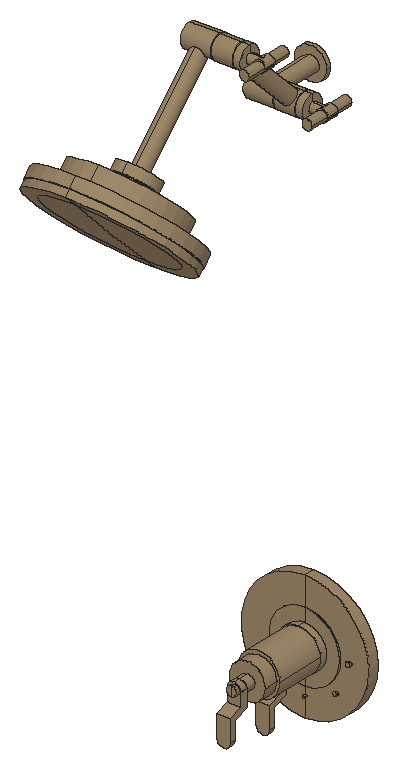
Revit family "Shower Valve-Brizo-Litze_Collection-Bath-Lever Handle", category Plumbing Fixtures, Revit 2020
Family settings
  Round Connector Dimension = Use Radius
  Part Type = Normal
  OmniClass Number = 23.45.00.00
  OmniClass Title = Sanitary, Laundry, and Cleaning Equipment
  Work Plane-Based = Yes
  Always vertical = Yes
  Cut with Voids When Loaded = No
  Shared = No
  Room Calculation Point = No
Parameters (values of type "Brillance® Lux Gold™")
  Waste Connection = no
  Vent Connection = no
  URL = "http://www.brizo.com/"
  Type Comments = "Brillance® Lux Gold™"
  Style = "Tub and Shower Valve"  # constant formula
  Shower Offset = 2' - 2.48429"
  Product Name = "Litze™ Collection"  # constant formula
  Product Documentation Link = "http://brizopresskit.com/New_Products/PDF/Brizo_Litze_Collection_Release.pdf"
  Model = "T60035 & T60235"  # constant formula
  Manufacturer = "Brizo"  # constant formula
  Makeup Water Flow = 0
  Flow = 0 GPM
  Finish = Gold-Brizo-Brilliance® Luxe Gold™
  Diameter = 0' - 6 1/2"  # constant formula
  Design Valve Water Flow = 0
  Description = "TempAssure Thermostatic Valve and Shower"  # constant formula
  Default Elevation = 4' - 0"
  Connector Radius = 0' - 0 1/2"  # constant formula
  Assembly Code = "D2010400"
  Actual Valve Water Flow = 0
Reference planes (in)
  plane 1 "Mounting": y = 0
  plane 2 "Bottom": z = 0
  plane 3 "Center (Left/Right)": x = 0
  plane 4: z = 26.48429
Forms (in)
  Extrusion 1, solid, material "Gold-Brizo-Brilliance® Luxe Gold™" <- "Finish", detail levels coarse+medium
    sketch origin (0, 0, 0) x (1, 0, 0) y (0, 0, 1)
      loop
        circle (0, 0) r 3.25
    from 0 to 0.569
  Revolve 2, solid, material "Gold-Brizo-Brilliance® Luxe Gold™" <- "Finish", detail levels fine
    sketch origin (0, 0, 0) x (0, 1, 0) y (0, 0, 1)
      loop
        line (0, 3.25) -> (-0.57031, 3.25) -> (-0.57031, 1.80078) -> (-0.60156, 1.80078) -> (-0.60156, 1.11328) -> (-0.95312, 1.11328) -> (-0.95312, 0.83984) -> (-1.55859, 0.83984) -> (-1.55859, 0) -> (0, 0) -> (0, 3.25)
      axis (0, 0) -> (-1.55859, 0)
    angle from 0 to 360
  Extrusion 3, solid, material "Gold-Brizo-Brilliance® Luxe Gold™" <- "Finish", detail levels coarse+medium
    sketch origin (0, 0, 0) x (1, 0, 0) y (0, 0, 1)
      loop
        circle (0, 0) r 0.83984
    from 0 to 1.55859
  Extrusion 4, solid, material "Gold-Brizo-Brilliance® Luxe Gold™" <- "Finish", detail levels fine
    sketch origin (0, 0, 0) x (1, 0, 0) y (0, 0, 1)
      loop
        circle (0, -2.25) r 0.0625
      loop
        circle (2.25, 0) r 0.125
      loop
        circle (1.59099, -1.59099) r 0.09375
    from 0 to 0.65
Dimensions and locks (in)
  locked: Extrusion 1 to plane 1 "Mounting" at 0.569
  locked: plane 3 "Center (Left/Right)" to Extrusion 1 sketch curve at 0
  locked: level to Extrusion 1 sketch curve at 0
  Revolve 2 sketch curve to Revolve 2 sketch curve to Revolve 2 sketch curve to Revolve 2 sketch curve to Revolve 2 sketch curve = 0' - 0 73/128" locked, 0' - 0 1/32" locked, 0' - 0 45/128" locked, 0' - 0 155/256" locked
  Revolve 2 sketch curve to Revolve 2 sketch curve to Revolve 2 sketch curve to Revolve 2 sketch curve to Revolve 2 sketch curve = 0' - 0 215/256" locked, 0' - 0 35/128" locked, 0' - 0 11/16" locked, 0' - 1 115/256" locked
  locked: plane 3 "Center (Left/Right)" to Extrusion 3 sketch curve at 0
  locked: level to Extrusion 3 sketch curve at 0
  equal spacing: nested 1, level, nested 1, locked at 1.07422 each
  locked: plane 3 "Center (Left/Right)" to Extrusion 4 sketch curve at 0
  locked: Extrusion 4 sketch curve to plane 3 "Center (Left/Right)" at 1.59099
  locked: Extrusion 4 sketch curve to plane 3 "Center (Left/Right)" at 2.25
  locked: level to Extrusion 4 sketch curve at 2.25
  locked: level to Extrusion 4 sketch curve at 1.59099
  locked: level to Extrusion 4 sketch curve at 0
  locked: plane 1 "Mounting" to Extrusion 4 at 0.65
  "Shower Offset": plane 4 to level
  radius of Extrusion 1 sketch curve = 0' - 3 1/4"
  radius of Extrusion 3 sketch curve = 0' - 0 215/256"
  aligned and locked: level to plane 2 "Bottom"
  aligned and locked: Extrusion 1 to plane 1 "Mounting"
  aligned and locked: level to Revolve 2 sketch curve  (x2)
  aligned and locked: plane 1 "Mounting" to Revolve 2 sketch curve
  aligned and locked: Extrusion 3 to plane 1 "Mounting"
  aligned and locked: Extrusion 3 to Revolve 2
  aligned and locked: nested 1 to plane 3 "Center (Left/Right)"
  aligned and locked: nested 1 to Revolve 2
  aligned and locked: Extrusion 4 to plane 1 "Mounting"
  aligned and locked: plane 4 to nested 2
  aligned and locked: nested 2 to plane 1 "Mounting"
  aligned and locked: plane 3 "Center (Left/Right)" to nested 2
Automatic sketch dimensions
  Revolve 2 sketch curve to Revolve 2 sketch curve = 6' - 7.891"
  Revolve 2 sketch curve to plane 1 "Mounting" = 4' - 8.30518"
  radius of Extrusion 4 sketch curve = 0' - 0 1/16"
  radius of Extrusion 4 sketch curve = 0' - 0 1/8"
  radius of Extrusion 4 sketch curve = 0' - 0 3/32"
Nested families (in)
  nested 1: "Handle-Brizo-Litze_Collection-Bath-Industrial Lever Handle-HL6034" at (0, -0.95312, 0) x (0, -1, 0) z (0, 0, 1), type "Handle-Brizo-Litze_Collection-Bath-Industrial Lever Handle-HL6034"
  nested 2: "Shower Head-Brizo-Litze_Collection-Bath-TempAssure Termostatic Shower" at (0, 0, 26.48429), type "Shower Head-Brizo-Litze_Collection-Bath-TempAssure Termostatic Shower"
Connectors (in)
  piping at (0, -0.569, 0), diameter 1, driven by "Connector Radius", driven by "Flow"
    settings: on Extrusion 1, index 1, connector inside diameter 1", connector length 0' - 0", flow factor 0, pipe flow 0 GPM, pressure drop 0.00 psi, fitting loss kfactor 0, connector angle 0.00°, fixture units 0, engagement length 0' - 0", angle of deflection 0.00°, flow configuration 0, flow direction 0, fitting loss method 0, system type 19, joint type 0, gender type 0, connector reference index -1, connector utility 0, adjustable connector no, is connector primary yes, connector description ""
  piping at (0, -0.569, 0), diameter 1, driven by "Connector Radius", driven by "Flow"
    settings: on Extrusion 1, index 2, connector inside diameter 1", connector length 0' - 0", flow factor 0, pipe flow 0 GPM, pressure drop 0.00 psi, fitting loss kfactor 0, connector angle 0.00°, fixture units 0, engagement length 0' - 0", angle of deflection 0.00°, flow configuration 0, flow direction 0, fitting loss method 0, system type 20, joint type 0, gender type 0, connector reference index -1, connector utility 0, adjustable connector no, is connector primary no, connector description ""
Definition of nested family "Handle-Brizo-Litze_Collection-Bath-Industrial Lever Handle-HL6034"
  Parameters
    URL = "http://www.brizo.com/"
    Type Comments = "Brilliance® Luxe Gold™"
    Style = "Shower Faucet Handle"  # constant formula
    Product Name = "Litze™ Collection"  # constant formula
    Model = "HL6034"  # constant formula
    Manufacturer = "Brizo"  # constant formula
    Finish = none
    Description = "Industrial Lever Handle"  # constant formula
    Default Elevation = 0' - 0"
  Reference planes (in)
    plane 1 "Center (Front/Back)": y = 0
    plane 2: z = 0
    plane 3 "Center (Left/Right)": x = 0
  Forms (in)
    Revolve 1, solid, material <- "Finish", detail levels medium+fine
      sketch origin (0, 0, 0) x (1, 0, 0) y (0, 0, 1)
        loop
          line (3.77901, 0.34375) -> (3.26729, 0.34375) -> (3.26729, 0) -> (4.29073, 0) -> (4.29073, 0.24219) -> (3.77901, 0.24219) -> (3.77901, 0.34375)
        axis (3.26729, 0) -> (4.29073, 0)
      angle from 0 to 360
    Extrusion 2, solid, material <- "Finish", detail levels coarse
      sketch origin (0, 0, 0) x (1, 0, 0) y (0, 0, 1)
        loop
          line (3.26729, 0.34375) -> (3.26729, -0.34375) -> (3.77901, -0.34375) -> (3.77901, -0.8625) -> (4.53693, -1.12291) -> (4.53693, -2.37096) -> (4.79073, -2.37096) -> (4.79073, -0.93346) -> (4.10671, -0.69844) -> (4.10671, 0.34375) -> (3.26729, 0.34375)
      from -0.34375 to 0.34375
    Extrusion 3, solid, material <- "Finish", detail levels medium+fine
      sketch origin (0, 0, 0) x (0, 1, 0) y (0, 0, 1)
        loop
          circle (0, 0) r 0.91
      from 2.55739 to 3.26729
    Extrusion 4, solid, material <- "Finish", detail levels coarse
      sketch origin (0, 0, 0) x (0, 1, 0) y (0, 0, 1)
        loop
          line (-0.91, 0.91) -> (-0.91, -0.91) -> (0.91, -0.91) -> (0.91, 0.91) -> (-0.91, 0.91)
      from 2.55739 to 3.26729
    Extrusion 5, solid, material <- "Finish", detail levels medium+fine
      sketch origin (2.28639, 0, 0) x (0, 0, 1) y (0, -1, 0)
        loop
          arc (0.34375, 0) -> (0.24307, 0.24307) -> (0, 0.34375) r 0.34375
          line (0, 0.34375) -> (-0.8625, 0.34375) -> (-0.8625, -0.34375) -> (0, -0.34375)
          arc (0, -0.34375) -> (0.24307, -0.24307) -> (0.34375, 0) r 0.34375
      from 1.49262 to 1.82032
    Extrusion 6, solid, material <- "Finish", detail levels medium+fine
      sketch origin (2.28639, 0, 0) x (0, 0, 1) y (-1, 0, 0)
        loop
          line (-1.12422, -2.25434) -> (-1.12422, -2.50434) -> (-0.93346, -2.50434) -> (-0.69844, -1.82032) -> (-0.69844, -1.49262) -> (-0.8625, -1.49262) -> (-1.12422, -2.25434)
      from -0.34375 to 0.34375
    Extrusion 7, solid, material <- "Finish", detail levels medium+fine
      sketch origin (2.28639, 0, 0) x (0, 0, 1) y (0, -1, 0)
        loop
          arc (-2.02721, 0.34375) -> (-2.27028, 0.24307) -> (-2.37096, 0) r 0.34375
          arc (-2.37096, 0) -> (-2.27028, -0.24307) -> (-2.02721, -0.34375) r 0.34375
          line (-2.02721, -0.34375) -> (-0.93346, -0.34375) -> (-0.93346, 0.34375) -> (-2.02721, 0.34375)
      from 2.25054 to 2.50434
    Extrusion 8, solid, material <- "Finish", detail levels coarse
      sketch origin (0, 0, 0) x (0, 1, 0) y (0, 0, 1)
        loop
          line (1.0752, 1.07422) -> (-1.07422, 1.07422) -> (-1.07422, -1.07422) -> (1.0752, -1.07422) -> (1.0752, 1.07422)
      from 0 to 2.55739
    Extrusion 9, solid, material <- "Finish", detail levels medium+fine
      sketch origin (0, 0, 0) x (0, 1, 0) y (0, 0, 1)
        loop
          circle (0, 0) r 1.07422
      from 0 to 2.55739
    Extrusion 10, solid, material <- "Finish", detail levels coarse
      sketch origin (-2.50032, 0, -0.5) x (1, 0, 0) y (0, 0, 1)
        loop
          line (3.26729, 0.34375) -> (3.26729, -0.34375) -> (3.77901, -0.34375) -> (3.77901, -0.8625) -> (4.53693, -1.12291) -> (4.53693, -2.37096) -> (4.79073, -2.37096) -> (4.79073, -0.93346) -> (4.10671, -0.69844) -> (4.10671, 0.34375) -> (3.26729, 0.34375)
      from -0.34375 to 0.34375
    Extrusion 11, solid, material <- "Finish", detail levels medium+fine
      sketch origin (-0.21392, 0, -0.5) x (0, 0, 1) y (-1, 0, 0)
        loop
          line (-1.12422, -2.25434) -> (-1.12422, -2.50434) -> (-0.93346, -2.50434) -> (-0.69844, -1.82032) -> (-0.69844, -1.49262) -> (-0.8625, -1.49262) -> (-1.12422, -2.25434)
      from -0.34375 to 0.34375
    Extrusion 12, solid, material <- "Finish", detail levels medium+fine
      sketch origin (-0.21392, 0, -0.5) x (0, 0, 1) y (0, -1, 0)
        loop
          arc (-2.02721, 0.34375) -> (-2.27028, 0.24307) -> (-2.37096, 0) r 0.34375
          arc (-2.37096, 0) -> (-2.27028, -0.24307) -> (-2.02721, -0.34375) r 0.34375
          line (-2.02721, -0.34375) -> (-0.93346, -0.34375) -> (-0.93346, 0.34375) -> (-2.02721, 0.34375)
      from 2.25054 to 2.50434
    Extrusion 13, solid, material <- "Finish", detail levels medium+fine
      sketch origin (0, 0, 0) x (1, 0, 0) y (0, 0, 1)
        loop
          line (1.6064, -1.3625) -> (1.6064, -0.15625) -> (1.2787, -0.15625) -> (1.2787, -1.3625) -> (1.6064, -1.3625)
      from -0.34375 to 0.34375
  Cuts and joins
    joined: Extrusion 5, Extrusion 6, Extrusion 7
    joined: Extrusion 11, Extrusion 12, Extrusion 13
  Dimensions and locks (in)
    locked: plane 1 "Center (Front/Back)" to Extrusion 3 sketch curve at 0
    locked: level to Extrusion 3 sketch curve at 0
    Extrusion 4 sketch curve to plane 1 "Center (Front/Back)" to Extrusion 4 sketch curve = 0' - 0.91" locked, 0' - 0.91" locked
    Extrusion 4 sketch curve to level to Extrusion 4 sketch curve = 0' - 0.91" locked, 0' - 0.91" locked
    Extrusion 2 sketch curve to level to Extrusion 2 sketch curve to Extrusion 2 sketch curve to Extrusion 2 sketch curve to Extrusion 2 sketch curve to Extrusion 2 sketch curve to Extrusion 2 sketch curve = 0' - 0 11/32" locked, 0' - 0 11/32" locked, 0' - 0.35469" locked, 0' - 0 21/128" locked, 0' - 0.07096" locked, 0' - 0.18945" locked, 0' - 1.24805" locked
    Extrusion 2 sketch curve to Extrusion 2 sketch curve to Extrusion 2 sketch curve to Extrusion 2 sketch curve to Extrusion 2 sketch curve to plane 3 "Center (Left/Right)" = 0' - 0.2538" locked, 0' - 0.43022" locked, 0' - 0.3277" locked, 0' - 0 131/256" locked, 0' - 3.26729" locked
    Revolve 1 sketch curve to Revolve 1 sketch curve to level = 0' - 0 13/128" locked, 0' - 0 31/128" locked
    Revolve 1 sketch curve to Revolve 1 sketch curve to Revolve 1 sketch curve to plane 3 "Center (Left/Right)" = 0' - 0 131/256" locked, 0' - 0 131/256" locked, 0' - 3.26729"
    Extrusion 5 sketch curve to plane 1 "Center (Front/Back)" to Extrusion 5 sketch curve = 0' - 0 11/32" locked, 0' - 0 11/32" locked
    Extrusion 6 sketch curve to Extrusion 6 sketch curve to Extrusion 6 sketch curve = 0' - 0.07096" locked, 0' - 0.19076" locked
    Extrusion 6 sketch curve to Extrusion 6 sketch curve to Extrusion 6 sketch curve = 0' - 0.3277" locked, 0' - 0.68402" locked
    Extrusion 7 sketch curve to Extrusion 7 sketch curve to Extrusion 7 sketch curve to level = 0' - 0" locked, 0' - 1 7/16" locked, 0' - 0.93346" locked
    Extrusion 7 sketch curve to plane 1 "Center (Front/Back)" to Extrusion 7 sketch curve = 0' - 0 11/32" locked, 0' - 0 11/32" locked
    Extrusion 5 sketch curve to level to Extrusion 5 sketch curve = 0' - 0 11/32" locked, 0' - 0.8625" locked
    cut or joined group of Extrusion 5, Extrusion 6, Extrusion 7 to plane 1 "Center (Front/Back)" to cut or joined group of Extrusion 5, Extrusion 6, Extrusion 7 = 0' - 0 11/32" locked, 0' - 0 11/32" locked
    Extrusion 7 to level = 0' - 0.93346"
    cut or joined group of Extrusion 5, Extrusion 6, Extrusion 7 to cut or joined group of Extrusion 5, Extrusion 6, Extrusion 7 to plane 3 "Center (Left/Right)" = 0' - 0.3277" locked, 0' - 3.77901" locked
    cut or joined group of Extrusion 5, Extrusion 6, Extrusion 7 to cut or joined group of Extrusion 5, Extrusion 6, Extrusion 7 to plane 3 "Center (Left/Right)" = 0' - 0.2538" locked, 0' - 4.53693" locked
    locked: Extrusion 4 to Extrusion 4 at 0.7099
    locked: Extrusion 5 sketch curve to plane 1 "Center (Front/Back)" at 0
    locked: level to Extrusion 5 sketch curve at 0
    locked: plane 1 "Center (Front/Back)" to Extrusion 7 sketch curve at 0
    locked: level to Extrusion 7 sketch curve at 2.02721
    Extrusion 8 sketch curve to plane 1 "Center (Front/Back)" to Extrusion 8 sketch curve = 0' - 1.0752" locked, 0' - 1 19/256" locked
    Extrusion 8 sketch curve to level to Extrusion 8 sketch curve = 0' - 1 19/256" locked, 0' - 1 19/256" locked
    locked: plane 1 "Center (Front/Back)" to Extrusion 9 sketch curve at 0
    locked: level to Extrusion 9 sketch curve
    Extrusion 10 sketch curve to Extrusion 10 sketch curve to Extrusion 10 sketch curve to Extrusion 10 sketch curve to Extrusion 10 sketch curve to Extrusion 10 sketch curve to Extrusion 10 sketch curve = 0' - 0 11/16", 0' - 0.35469" locked, 0' - 0 21/128" locked, 0' - 0.07096" locked, 0' - 0.18945" locked, 0' - 1.24805" locked
    Extrusion 10 sketch curve to Extrusion 10 sketch curve to Extrusion 10 sketch curve to Extrusion 10 sketch curve to Extrusion 10 sketch curve = 0' - 0.2538" locked, 0' - 0.43022" locked, 0' - 0.3277" locked, 0' - 0 131/256" locked
    Extrusion 11 sketch curve to Extrusion 11 sketch curve to Extrusion 11 sketch curve = 0' - 0.07096" locked, 0' - 0.19076" locked
    Extrusion 11 sketch curve to Extrusion 11 sketch curve to Extrusion 11 sketch curve = 0' - 0.3277" locked, 0' - 0.68402" locked
    Extrusion 12 sketch curve to Extrusion 12 sketch curve to Extrusion 12 sketch curve = 0' - 0" locked, 0' - 1 7/16" locked
    Extrusion 12 sketch curve to Extrusion 12 sketch curve = 0' - 0 11/16"
    Extrusion 13 sketch curve to Extrusion 13 sketch curve to plane 3 "Center (Left/Right)" = 0' - 0.3277" locked, 0' - 1.2787" locked
    level to Extrusion 13 sketch curve to Extrusion 13 sketch curve = 0' - 0 5/32" locked, 0' - 1.20625" locked
    locked: cut or joined group of Extrusion 11, Extrusion 12, Extrusion 13 to plane 3 "Center (Left/Right)" at 2.03662
    radius of Extrusion 3 sketch curve = 0' - 0.91"
    radius of Extrusion 5 sketch curve = 0' - 0 11/32"
    radius of Extrusion 9 sketch curve = 0' - 1 19/256"
    aligned and locked: level to plane 2
    aligned and locked: Extrusion 4 to Extrusion 3
    aligned and locked: Revolve 1 sketch curve to level
    aligned and locked: level to Revolve 1 sketch curve
    aligned and locked: Extrusion 6 sketch curve to Extrusion 5
    aligned and locked: Extrusion 6 to Extrusion 5
    aligned and locked: Extrusion 5 to Extrusion 6  (x2)
    aligned and locked: Extrusion 5 to Revolve 1
    aligned and locked: Extrusion 7 to Extrusion 5
    aligned and locked: Extrusion 7 to Extrusion 6  (x2)
    aligned and locked: Extrusion 6 to Extrusion 7
    aligned and locked: Extrusion 4 to Revolve 1
    aligned and locked: Extrusion 3 to Extrusion 4
    aligned and locked: Extrusion 9 to Extrusion 8
    aligned and locked: Extrusion 9 to Extrusion 3
    aligned and locked: Extrusion 8 to plane 3 "Center (Left/Right)"
    aligned and locked: Extrusion 9 to plane 3 "Center (Left/Right)"
    aligned and locked: Extrusion 12 to Extrusion 11  (x2)
    aligned and locked: Extrusion 11 to Extrusion 12
    aligned and locked: Extrusion 13 to Extrusion 2
    aligned and locked: Extrusion 2 to Extrusion 13
    aligned and locked: Extrusion 10 to Extrusion 11  (x2)
    aligned and locked: Extrusion 11 to Extrusion 2
    aligned and locked: Extrusion 2 to Extrusion 11
    aligned and locked: Extrusion 10 to Extrusion 2
    aligned and locked: Extrusion 2 to Extrusion 10
Definition of nested family "Shower Head-Brizo-Litze_Collection-Bath-TempAssure Termostatic Shower"
  Parameters
    Waste Connection = no
    Vent Connection = no
    URL = "http://www.brizo.com/"
    Type Comments = "Polished Chrome"
    Style = "Shower Head"  # constant formula
    Shower Head Diameter = 0' - 8"  # constant formula
    Shower Head Depth = 0' - 4"  # constant formula
    Product Name = "Litze™ Collection"  # constant formula
    Product Documentation Link = "http://brizopresskit.com/New_Products/PDF/Brizo_Litze_Collection_Release.pdf"
    Model = "T60235"  # constant formula
    Manufacturer = "Brizo"  # constant formula
    Makeup Water Flow = 0
    Flow = 0 GPM
    Finish = none
    Design Valve Water Flow = 0
    Description = "TempAssure Termostatic Shower"  # constant formula
    Default Elevation = 4' - 0"
    Connector Radius = 0' - 0 1/2"  # constant formula
    Assembly Code = "D2010400"
    Actual Valve Water Flow = 0
  Reference planes (in)
    plane 1 "Mounting": y = 0
    plane 2 "Bottom": z = 0
    plane 3 "Center (Left/Right)": x = 0
    plane 4 "First Joint Location": y = -2.94986
    plane 5 "Second Joint Location": y = -6.94537
    plane 6 "Shower Head Location": y = -11.10329
    plane 7 "Offset": x = 1.33313
  Forms (in)
    Extrusion 1, solid, material <- "Finish", detail levels medium+fine
      sketch origin (0, 0, 0) x (1, 0, 0) y (0, 0, 1)
        loop
          circle (0, 0) r 0.8285
      from 0 to 0.2
    Extrusion 2, solid, material <- "Finish", detail levels coarse
      sketch origin (0, 0, 0) x (0, 1, 0) y (0, 0, 1)
        loop
          line (-2.78173, 0.40625) -> (-6.94537, 4.56989) -> (-11.39056, 0.1247) -> (-10.81603, -0.44983) -> (-6.94537, 3.42084) -> (-3.11827, -0.40625) -> (0, -0.40625) -> (0, 0.40625) -> (-2.78173, 0.40625)
      from -0.406 to 0.40625
    Revolve 3, solid, material <- "Finish", detail levels coarse+medium
      sketch origin (0, 0, 0) x (0, 1, 0) y (0, 0, 1)
        loop
          line (-11.10329, -0.16256) -> (-12.43698, -1.49625)
          arc (-12.43698, -1.49625) -> (-11.4663, -2.44522) -> (-10.47439, -3.37198) r 60
          line (-10.47439, -3.37198) -> (-9.94555, -3.90083) -> (-9.24226, -3.19754) -> (-11.31338, -1.12642) -> (-10.72641, -0.53945) -> (-11.10329, -0.16256)
        axis (-11.10329, -0.16256) -> (-12.43698, -1.49625)
      angle from 0 to 360
    Revolve 4, solid, material <- "Finish", detail levels fine
      sketch origin (0, -6.94537, 0) x (0, 0, -1) y (-1, 0, 0)
        loop
          line (-3.99537, -3.02352) -> (-3.99537, 0.766) -> (-4.59107, 0.766) -> (-4.59107, -0.76134) -> (-4.52857, -0.76134) -> (-4.52857, -0.79259) -> (-4.59107, -0.79259) -> (-4.59107, -1.87367) -> (-4.52857, -1.87367) -> (-4.52857, -1.90492) -> (-4.59107, -1.90492) -> (-4.59107, -2.27452) -> (-4.24107, -2.27452) -> (-4.24107, -3.02352) -> (-3.99537, -3.02352)
        axis (-3.99537, 0.766) -> (-3.99537, -3.02352)
      angle from 0 to 360
    Revolve 5, solid, material <- "Finish", detail levels fine
      sketch origin (0, -2.94986, 0) x (0, 0, -1) y (-1, 0, 0)
        loop
          line (0, -3.02352) -> (0, 0.766) -> (-0.5957, 0.766) -> (-0.5957, -0.76134) -> (-0.5332, -0.76134) -> (-0.5332, -0.79259) -> (-0.5957, -0.79259) -> (-0.5957, -1.87367) -> (-0.5332, -1.87367) -> (-0.5332, -1.90492) -> (-0.5957, -1.90492) -> (-0.5957, -2.27452) -> (-0.2457, -2.27452) -> (-0.2457, -3.02352) -> (0, -3.02352)
        axis (0, 0.766) -> (0, -3.02352)
      angle from 0 to 360
    Revolve 6, solid, material <- "Finish", detail levels fine
      sketch origin (0, 0, 0) x (0, 1, 0) y (0, 0, 1)
        loop
          line (0, 0) -> (0, 0.40625) -> (-2.94986, 0.40625) -> (-2.94986, 0) -> (0, 0)
        axis (0, 0) -> (-2.94986, 0)
      angle from 0 to 360
    Revolve 7, solid, material <- "Finish", detail levels fine
      sketch origin (1.33313, 0, 0) x (0, 1, 0) y (0, 0, 1)
        loop
          line (-6.94537, 3.99537) -> (-2.94986, -0.00014) -> (-2.66259, 0.28712) -> (-6.6581, 4.28263) -> (-6.94537, 3.99537)
        axis (-2.94986, -0.00014) -> (-6.94537, 3.99537)
      angle from 0 to 360
    Revolve 8, solid, material <- "Finish", detail levels fine
      sketch origin (0, 0, 0) x (0, 1, 0) y (0, 0, 1)
        loop
          line (-11.39056, 0.1247) -> (-11.10329, -0.16256) -> (-6.94537, 3.99537) -> (-7.23263, 4.28263) -> (-11.39056, 0.1247)
        axis (-6.94537, 3.99537) -> (-11.10329, -0.16256)
      angle from 0 to 360
    Sweep 9, solid, material <- "Finish", detail levels medium
      path origin (0, 0, 0) x (0, 1, 0) y (0, 0, 1)
        loop
          line (0, 0) -> (-2.94986, 0) -> (-6.94529, 3.99544) -> (-11.10329, -0.16256)
      profile origin (0, -1.47493, 0) x (0, 0, -1) y (1, 0, 0)
        loop
          circle (0, 0) r 0.40625
    Extrusion 10, solid, material <- "Finish", detail levels fine
      sketch origin (0, 0, 0) x (1, 0, 0) y (0, 0, 1)
        loop
          circle (3.02352, 3.99537) r 0.25
        loop
          circle (3.02352, 4) r 0.3
      from 6.64537 to 7.24537
    Extrusion 11, solid, material <- "Finish", detail levels fine
      sketch origin (0, 3.99551, 0) x (1, 0, 0) y (0, 0, 1)
        loop
          circle (3.02352, 0) r 0.25
        loop
          circle (3.02352, 0) r 0.3
      from 6.64537 to 7.24537
    Extrusion 12, solid, material <- "Finish", detail levels fine
      sketch origin (0, 0, 0) x (1, 0, 0) y (0, 0, 1)
        loop
          circle (3.02352, 3.99537) r 0.25
      from 5.69537 to 8.19537
    Extrusion 13, solid, material <- "Finish", detail levels fine
      sketch origin (0, 3.99551, 0) x (1, 0, 0) y (0, 0, 1)
        loop
          circle (3.02352, 0) r 0.25
      from 5.69537 to 8.19537
    Revolve 14, solid, material <- "Finish", detail levels fine
      sketch origin (0, 0, 0) x (0, 1, 0) y (0, 0, 1)
        loop
          line (-11.10329, -0.16256) -> (-11.85736, 0.5915) -> (-12.2192, 0.22966) -> (-12.1971, 0.20756) -> (-12.2192, 0.18547) -> (-12.24129, 0.20756) -> (-12.45398, -0.00512) -> (-13.73285, 1.27375) -> (-14.36814, 0.63846) -> (-15.16363, 1.43395) -> (-15.589, 1.00858) -> (-15.56691, 0.98648) -> (-15.84036, 0.71303) -> (-15.31151, 0.18419)
          arc (-15.31151, 0.18419) -> (-14.1881, -0.96979) -> (-13.05441, -2.11367) r 180
          line (-13.05441, -2.11367) -> (-11.10329, -0.16256)
        axis (-11.10329, -0.16256) -> (-13.05441, -2.11367)
      angle from 0 to 360
  Dimensions and locks (in)
    locked: Extrusion 1 to plane 1 "Mounting" at 0.2
    locked: plane 3 "Center (Left/Right)" to Extrusion 1 sketch curve at 0
    locked: level to Extrusion 1 sketch curve at 0
    Extrusion 2 sketch curve to level to Extrusion 2 sketch curve = 0' - 0 13/32" locked, 0' - 0 13/32" locked
    plane 1 "Mounting" to Extrusion 2 sketch curve to Extrusion 2 sketch curve to Extrusion 2 sketch curve to Extrusion 2 sketch curve to Extrusion 2 sketch curve to Extrusion 2 sketch curve = 0' - 2.78173" locked, 0' - 0.33655" locked, 0' - 3.82709" locked, 0' - 0" locked, 0' - 3.87067" locked, 0' - 0.57452" locked
    locked: Extrusion 2 sketch curve to Extrusion 2 sketch curve at 0.8125  (x2)
    Extrusion 2 sketch curve to Extrusion 2 sketch curve to Extrusion 2 sketch curve to Extrusion 2 sketch curve to Extrusion 2 sketch curve = 0' - 1.14905" locked, 0' - 3.01459" locked, 0' - 0.28155" locked, 0' - 0.57452" locked
    Extrusion 2 to plane 3 "Center (Left/Right)" to Extrusion 2 = 0' - 0.406" locked, 0' - 0 13/32" locked
    Extrusion 2 to Revolve 3 sketch curve to Extrusion 2 = 0' - 0 13/32" locked, 0' - 0 13/32" locked
    Revolve 3 sketch curve to Revolve 3 sketch curve to Revolve 3 sketch curve = 0' - 2.929" locked, 0' - 0.533" locked
    locked: Extrusion 2 to Revolve 3 sketch curve at 0
    Revolve 3 sketch curve to Revolve 3 sketch curve to Revolve 3 sketch curve to Revolve 3 sketch curve = 0' - 0.8301" locked, 0' - 0.9946" locked, 0' - 0.06142" locked
    Revolve 4 sketch curve to Revolve 4 sketch curve to Revolve 4 sketch curve to Revolve 4 sketch curve to Revolve 4 sketch curve to Revolve 4 sketch curve to plane 3 "Center (Left/Right)" to Revolve 4 sketch curve = 0' - 0.749" locked, 0' - 0.3696" locked, 0' - 0 1/32" locked, 0' - 1.08108" locked, 0' - 0 1/32" locked, 0' - 0.76134" locked, 0' - 0.766" locked
    locked: Revolve 4 sketch curve to level at 3.99537
    Revolve 5 sketch curve to Revolve 5 sketch curve to Revolve 5 sketch curve to Revolve 5 sketch curve to Revolve 5 sketch curve to Revolve 5 sketch curve to plane 3 "Center (Left/Right)" to Revolve 5 sketch curve = 0' - 0.749" locked, 0' - 0.3696" locked, 0' - 0 1/32" locked, 0' - 1.08108" locked, 0' - 0 1/32" locked, 0' - 0.76134" locked, 0' - 0.766" locked
    locked: Revolve 5 sketch curve to level at 0
    locked: plane 1 "Mounting" to plane 4 "First Joint Location" at 2.94986
    locked: plane 1 "Mounting" to plane 5 "Second Joint Location" at 6.94537
    locked: plane 1 "Mounting" to plane 6 "Shower Head Location" at 11.10329
    Revolve 5 sketch curve to Revolve 5 sketch curve to Revolve 5 sketch curve to Revolve 5 sketch curve to Revolve 5 sketch curve to Revolve 5 sketch curve to level = 0' - 0" locked, 0' - 0" locked, 0' - 0 1/16" locked, 0' - 0" locked, 0' - 0.2875" locked, 0' - 0.2457" locked
    Revolve 4 sketch curve to Revolve 4 sketch curve to Revolve 4 sketch curve to Revolve 4 sketch curve to Revolve 4 sketch curve to Revolve 4 sketch curve to Revolve 4 sketch curve to level = 0' - 0" locked, 0' - 0" locked, 0' - 0 1/16" locked, 0' - 0" locked, 0' - 0.2875" locked, 0' - 0.2457" locked, 0' - 3.99537" locked
    locked: Revolve 6 sketch curve to level at 0.40625
    Revolve 7 sketch curve to level to Revolve 7 sketch curve = 0' - 3.99537" locked, 0' - 0.00014" locked
    plane 1 "Mounting" to Revolve 7 sketch curve to Revolve 7 sketch curve = 0' - 2.94986" locked, 0' - 3.99551" locked
    Revolve 7 sketch curve to Revolve 7 sketch curve to Revolve 7 sketch curve to level to Revolve 7 sketch curve = 0' - 0.28726" locked, 0' - 3.70825" locked, 0' - 0.28712" locked, 0' - 0.00014" locked
    plane 1 "Mounting" to Revolve 7 sketch curve to Revolve 7 sketch curve to Revolve 7 sketch curve to Revolve 7 sketch curve = 0' - 2.66259" locked, 0' - 0.28726" locked, 0' - 3.70825" locked, 0' - 0.28726" locked
    Revolve 8 sketch curve to level to Revolve 8 sketch curve = 0' - 3.99537" locked, 0' - 0.16256" locked
    Revolve 8 sketch curve to Revolve 8 sketch curve to Revolve 8 sketch curve to level to Revolve 8 sketch curve = 0' - 0.28726" locked, 0' - 3.87067" locked, 0' - 0.1247" locked, 0' - 0.16256" locked
    plane 1 "Mounting" to Revolve 8 sketch curve to Revolve 8 sketch curve to Revolve 8 sketch curve to Revolve 8 sketch curve = 0' - 6.94537" locked, 0' - 0.28726" locked, 0' - 3.87067" locked, 0' - 0.28726" locked
    locked: plane 3 "Center (Left/Right)" to plane 7 "Offset" at 1.33313
    plane 1 "Mounting" to Sweep 9 sketch curve to Sweep 9 sketch curve to Sweep 9 sketch curve = 0' - 2.94986" locked, 0' - 3.99544" locked, 0' - 4.158" locked
    Sweep 9 sketch curve to level to Sweep 9 sketch curve = 0' - 3.99544" locked, 0' - 0.16256" locked
    locked: plane 3 "Center (Left/Right)" to Sweep 9 sketch curve at 0
    locked: level to Sweep 9 sketch curve at 0
    Extrusion 10 to plane 5 "Second Joint Location" to Extrusion 10 = 0' - 0.3" locked, 0' - 0.3" locked
    Extrusion 11 to Extrusion 11 = 0' - 0.6"
    level to Extrusion 11 sketch curve = 0' - 0"
    locked: Extrusion 11 sketch curve to plane 3 "Center (Left/Right)" at 3.02352  (x2)
    locked: Extrusion 11 sketch curve to level
    locked: Extrusion 10 sketch curve to level at 3.99537
    locked: Extrusion 10 sketch curve to plane 3 "Center (Left/Right)" at 3.27352
    locked: Extrusion 10 sketch curve to plane 3 "Center (Left/Right)" at 3.32352
    locked: Extrusion 10 sketch curve to level at 4
    locked: Extrusion 12 sketch curve to plane 3 "Center (Left/Right)" at 3.02352
    locked: Extrusion 12 sketch curve to level at 3.99537
    Extrusion 12 to plane 5 "Second Joint Location" to Extrusion 12 = 0' - 1 1/4" locked, 0' - 1 1/4" locked
    Extrusion 13 to plane 4 "First Joint Location" to Extrusion 13 = 0' - 1 1/4" locked, 0' - 1 1/4" locked
    locked: Extrusion 13 sketch curve to plane 3 "Center (Left/Right)" at 3.02352
    locked: Extrusion 13 sketch curve to level
    Extrusion 2 to Revolve 14 sketch curve to Extrusion 2 = 0' - 0 13/32" locked, 0' - 0 13/32" locked
    plane 6 "Shower Head Location" to Revolve 14 sketch curve to Revolve 14 sketch curve to Revolve 14 sketch curve to Revolve 14 sketch curve to Revolve 14 sketch curve to Revolve 14 sketch curve to Revolve 14 sketch curve to Revolve 14 sketch curve to Revolve 14 sketch curve to Revolve 14 sketch curve to Revolve 14 sketch curve to Revolve 14 sketch curve to Revolve 14 sketch curve to Revolve 14 sketch curve to Revolve 14 sketch curve = 0' - 0" locked, 0' - 0.75406" locked, 0' - 0.33974" locked, 0' - 0.0221" locked, 0' - 0" locked, 0' - 0.0221" locked, 0' - 0.21268" locked, 0' - 0.60043" locked, 0' - 0.67844" locked, 0' - 0.63529" locked, 0' - 0.7955" locked, 0' - 0.14788" locked, 0' - 0.25539" locked, 0' - 0.0221" locked, 0' - 0.25135" locked
    Revolve 14 sketch curve to Revolve 14 sketch curve to Revolve 14 sketch curve to Revolve 14 sketch curve to Revolve 14 sketch curve to Revolve 14 sketch curve to Revolve 14 sketch curve to Revolve 14 sketch curve to Revolve 14 sketch curve to Revolve 14 sketch curve to Revolve 14 sketch curve to Revolve 14 sketch curve to Revolve 14 sketch curve to Revolve 14 sketch curve to Revolve 14 sketch curve = 0' - 0.02469" locked, 0' - 1.03026" locked, 0' - 0.00028" locked, 0' - 0.02828" locked, 0' - 0.00269" locked, 0' - 0.00028" locked, 0' - 0.00458" locked, 0' - 1.79293" locked, 0' - 0.00804" locked, 0' - 0.32896" locked, 0' - 0.74787" locked, 0' - 0.00346" locked, 0' - 0 1/32" locked, 0' - 0.00538" locked
    radius of Extrusion 1 sketch curve = 0' - 0.8285"
    radius of Sweep 9 sketch curve = 0' - 0 13/32"
    radius of Extrusion 11 sketch curve = 0' - 0 1/4"
    radius of Extrusion 11 sketch curve = 0' - 0.3"
    radius of Extrusion 12 sketch curve = 0' - 0 1/4"
    radius of Extrusion 13 sketch curve = 0' - 0 1/4"
    radius of Revolve 14 sketch curve = 15' - 0"
    aligned and locked: level to plane 2 "Bottom"
    aligned and locked: Extrusion 1 to plane 1 "Mounting"
    aligned and locked: plane 1 "Mounting" to Extrusion 2 sketch curve
    aligned and locked: Extrusion 2 to plane 1 "Mounting"
    aligned and locked: Revolve 3 sketch curve to Extrusion 2
    aligned and locked: Extrusion 2 to Revolve 4 sketch curve
    aligned and locked: level to Revolve 6 sketch curve  (x2)
    aligned and locked: plane 1 "Mounting" to Revolve 6 sketch curve  (x2)
    aligned and locked: plane 4 "First Joint Location" to Revolve 6 sketch curve
    aligned and locked: Revolve 6 sketch curve to plane 4 "First Joint Location"
    aligned and locked: plane 4 "First Joint Location" to Revolve 7 sketch curve
    aligned and locked: plane 5 "Second Joint Location" to Revolve 7 sketch curve
    aligned and locked: plane 5 "Second Joint Location" to Revolve 8 sketch curve
    aligned and locked: plane 6 "Shower Head Location" to Revolve 8 sketch curve
    aligned and locked: level to Sweep 9 sketch curve
    aligned and locked: plane 1 "Mounting" to Sweep 9 sketch curve
  Connectors (in)
    piping at (0, -0.2, 0), diameter 1, driven by "Connector Radius", driven by "Flow"
      settings: on Extrusion 1, index 1, connector inside diameter 1", connector length 0' - 0", flow factor 0, pipe flow 0 GPM, pressure drop 0.00 psi, fitting loss kfactor 0, connector angle 0.00°, fixture units 0, engagement length 0' - 0", angle of deflection 0.00°, flow configuration 0, flow direction 0, fitting loss method 0, system type 19, joint type 0, gender type 0, connector reference index -1, connector utility 0, adjustable connector no, is connector primary yes, connector description ""
    piping at (0, -0.2, 0), diameter 1, driven by "Connector Radius", driven by "Flow"
      settings: on Extrusion 1, index 2, connector inside diameter 1", connector length 0' - 0", flow factor 0, pipe flow 0 GPM, pressure drop 0.00 psi, fitting loss kfactor 0, connector angle 0.00°, fixture units 0, engagement length 0' - 0", angle of deflection 0.00°, flow configuration 0, flow direction 0, fitting loss method 0, system type 20, joint type 0, gender type 0, connector reference index -1, connector utility 0, adjustable connector no, is connector primary no, connector description ""
